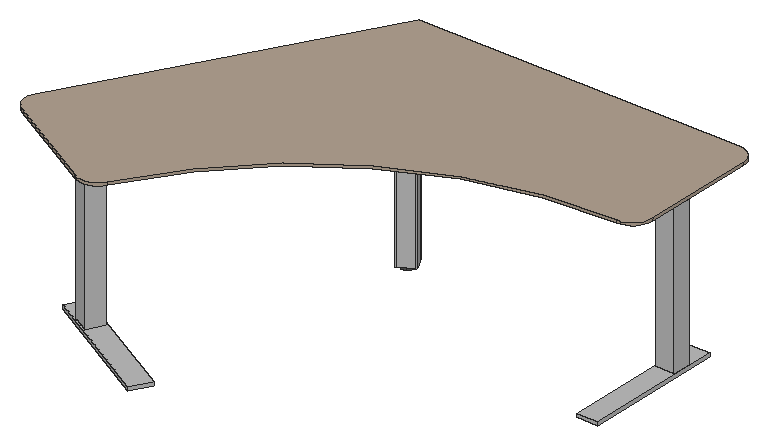
Revit family "Haworth_ActiveComponents_HeightAdjusTable_120WrapAround_BUILD", category Furniture Systems, Revit 2015
Parameters (values of type "52d 52w")
  Worksurface Offset = Actual Height - 29"  # 0"
  Worksurface Finish [instance] = Haworth _ Wood _ Light Maple VP-LM
  Warranty = "http://www.haworth.com/resources/product-info/warranties"
  URL - Product = "https://www.haworth.com/products/workspaces/accessories/active-components"
  Trim Finish [instance] = Haworth _ Paint _ Metallic Champagne
  Sustainability Info = "https://www.haworth.com/company-info/sustainability"
  Size = "Verify Final Dim. w/ Haworth"  # constant formula
  Screen Depth Opening = 1 13/16"  # constant formula
  Radius = 60"  # constant formula
  Model = "TAYL"  # constant formula
  Min. Height = 22"  # constant formula
  Max. Height = 35"  # constant formula
  Height = 29"
  Half Width = Actual Depth / 2  # 12"
  URL = "www.haworth.com"
  Support Height = Actual Height - Worksurface Thickness  # 27 13/16"
  Revision Number = "1"  # constant formula
  Manufacturer = "Haworth"  # constant formula
  Description = "Haworth - Worksurface - 120 Half Wrap Around"  # constant formula
  Author = "Haworth (Alias)"  # constant formula
  Assembly Code = "E2020200"
  Actual Width = 52"  # constant formula
  Actual Height = if(Height < Min. Height, Min. Height, if(Height > Max. Height, Max. Height, Height))  # 29"
  Worksurface Thickness = 1 3/16"  # constant formula
  Actual Depth = 24"  # constant formula
Reference planes (in)
  plane 1 "Floor": z = 0
  plane 2 "Top": z = 29
  plane 3 "Table Bottom": z = 27.8125
  plane 4 "Back": y = 12
  plane 5 "Bend": x = -30
  plane 6 "Front": y = -12
  plane 7 "Right": x = 22
  plane 8 "Back 2": through (-32.59808, 7.5, 48) normal (0.866, -0.5, 0)
  plane 9 "Front 2": through (-11.81347, -4.5, 48) normal (0.866, -0.5, 0)
  plane 10 "Bend 2": through (-30, 12, 48) normal (0.5, 0.866, 0)
  plane 11 "Left": through (-56, -33.03332, 48) normal (0.5, 0.866, 0)
  plane 12 "Center L/R": through (-30, 12, 48) normal (0.866, 0.5, 0)
  plane 13: through (-30, 12, 48) normal (-0.5, 0.866, 0)
  plane 14: y = -72
  plane 15: through (26.47472, -58.18291, 48) normal (0.866, -0.5, 0)
  plane 16 "Void End Right": z = 29
  plane 17 "Void End Left": z = 29
  plane 18 "Leg Left": through (-47.32905, -29.9271, 48) normal (0.5, 0.866, 0)
  plane 19 "Leg Right": x = 14.97446
Dimensions and locks (in)
  "Actual Height": plane 2 "Top" to level
  "Worksurface Thickness": plane 2 "Top" to plane 3 "Table Bottom"
  "Actual Width": plane 7 "Right" to plane 5 "Bend"
  "Actual Depth": plane 4 "Back" to plane 6 "Front"
  "Actual Depth": plane 8 "Back 2" to plane 9 "Front 2"
  "Actual Width": plane 11 "Left" to plane 10 "Bend 2"
  "Radius": plane 14 to plane 6 "Front"
  "Radius": plane 15 to plane 9 "Front 2"
  locked: plane 11 "Left" to plane 18 "Leg Left" at 7.02554
  locked: plane 19 "Leg Right" to plane 7 "Right" at 7.02554
  locked: nested 2 to plane 6 "Front" at 16.3125
  locked: plane 9 "Front 2" to nested 3 at 16.3125
  angle plane 8 "Back 2" to plane 4 "Back" = 120.00°
  aligned and locked: plane 4 "Back" to nested 1
  aligned and locked: plane 8 "Back 2" to nested 1
  aligned and locked: nested 2 to plane 19 "Leg Right"
  aligned and locked: plane 18 "Leg Left" to nested 3
  aligned and locked: plane 1 "Floor" to nested 3
  aligned and locked: nested 4 to plane 12 "Center L/R"
Nested families (in)
  nested 1: "Haworth_ActiveComponents_120WrapAround_Worksurface_Part" at (0, 0, 0), built-in parameter 1001364 <- "Worksurface Offset", type "Worksurface"
  nested 2: "Haworth_Support_Height-Adjustable_Leg_Part" at (14.97446, 4.3125, 0) x (-1, 0, 0) z (0, 0, 1), type "Leg"
    with Crank no
  nested 3: "Haworth_Support_Height-Adjustable_Leg_Part" at (-45.82966, -30.79277, 0) x (0.5, 0.866, 0) z (0, 0, 1), type "Leg"
    with Crank no
  nested 4: "Haworth_AdjustableTable_CenterLeg_Part" at (-25.79129, 4.71031, 0) x (0.5, -0.866, 0) z (0, 0, 1), type "Leg"
    with Leg Height 27 13/16"
Definition of nested family "Haworth_ActiveComponents_120WrapAround_Worksurface_Part"
  Parameters (values of type "Worksurface")
    Worksurface Finish = none
    Warranty = "http://www.haworth.com/resources/product-info/warranties"
    URL - Product = "https://www.haworth.com/products/workspaces/accessories/active-components"
    Sustainability Info = "https://www.haworth.com/company-info/sustainability"
    Size = "Verify Final Dim. w/ Haworth"  # constant formula
    Screen Depth Opening = 1 13/16"  # constant formula
    Radius = 60"  # constant formula
    Model = "TAYL"  # constant formula
    Half Width = Actual Depth / 2  # 12"
    URL = "www.haworth.com"
    Support Height = Actual Height - Worksurface Thickness  # 27 13/16"
    Revision Number = "1"  # constant formula
    Manufacturer = "Haworth"  # constant formula
    Description = "Haworth - Worksurface - 120 Half Wrap Around"  # constant formula
    Author = "Haworth (Alias)"  # constant formula
    Assembly Code = "E2020200"
    Actual Width = 52"  # constant formula
    Actual Height = 29"  # constant formula
    Worksurface Thickness = 1 3/16"  # constant formula
    Actual Depth = 24"  # constant formula
  Reference planes (in)
    plane 1 "Floor": z = 0
    plane 2 "Top": z = 29
    plane 3 "Table Bottom": z = 27.8125
    plane 4 "Back": y = 12
    plane 5 "Bend": x = -30
    plane 6 "Front": y = -12
    plane 7 "Right": x = 22
    plane 8 "Back 2": through (-32.59808, 7.5, 48) normal (0.866, -0.5, 0)
    plane 9 "Front 2": through (-11.81347, -4.5, 48) normal (0.866, -0.5, 0)
    plane 10 "Bend 2": through (-30, 12, 48) normal (0.5, 0.866, 0)
    plane 11 "Left": through (-56, -33.03332, 48) normal (0.5, 0.866, 0)
    plane 12 "Center L/R": through (-30, 12, 48) normal (0.866, 0.5, 0)
    plane 13: through (-30, 12, 48) normal (-0.5, 0.866, 0)
    plane 14: y = -72
    plane 15: through (26.47472, -58.18291, 48) normal (0.866, -0.5, 0)
    plane 16 "Void End Right": z = 29
    plane 17 "Void End Left": z = 29
  Forms (in)
    Extrusion 1, solid, material <- "Worksurface Finish"
      sketch origin (0, 0, 0) x (1, 0, 0) y (0, 1, 0)
        loop
          line (19, 12) -> (-30, 12) -> (-54.5, -30.43524)
          arc (-54.5, -30.43524) -> (-54.7997, -32.7117) -> (-53.40192, -34.53332) r 3
          line (-53.40192, -34.53332) -> (-38.47761, -43.14988)
          arc (-38.47761, -43.14988) -> (-36.16224, -43.43887) -> (-34.34012, -41.98135) r 3
          arc (-34.34012, -41.98135) -> (-12.05257, -19.08585) -> (18.91928, -11.23202) r 58.78061
          arc (18.91928, -11.23202) -> (21.09259, -10.38278) -> (22, -8.23311) r 3
          line (22, -8.23311) -> (22, 9)
          arc (22, 9) -> (21.12132, 11.12132) -> (19, 12) r 3
      from 27.8125 to 29
    Sweep 2, void
      path origin (0, 0, 27.8125) x (0, -1, 0) y (1, 0, 0)
        loop
          arc (-9, 22) -> (-11.12132, 21.12132) -> (-12, 19) r 3
          line (-12, 19) -> (-12, -30) -> (30.43524, -54.5)
          arc (30.43524, -54.5) -> (32.7117, -54.7997) -> (34.53332, -53.40192) r 3
          line (34.53332, -53.40192) -> (43.14988, -38.47761)
          arc (43.14988, -38.47761) -> (43.43887, -36.16224) -> (41.98135, -34.34012) r 3
          arc (41.98135, -34.34012) -> (19.08585, -12.05257) -> (11.23202, 18.91928) r 58.78061
          arc (11.23202, 18.91928) -> (10.38278, 21.09259) -> (8.23311, 22) r 3
          line (8.23311, 22) -> (-9, 22)
      profile origin (22, 0.38344, 27.8125) x (1, 0, 0) y (0, 0, 1)
        loop
          line (0, 0.8125) -> (-2, 0) -> (0, 0) -> (0, 0.8125)
  Cuts and joins
    Sweep 2 cuts Extrusion 1
  Lines and regions (in)
    Masking region 1
      outline origin (0, 0, 0) x (1, 0, 0) y (0, 1, 0)
        loop
          line (19, 12) -> (-30, 12) -> (-54.5, -30.43524)
          arc (-54.5, -30.43524) -> (-54.7997, -32.7117) -> (-53.40192, -34.53332) r 3
          line (-53.40192, -34.53332) -> (-38.47761, -43.14988)
          arc (-38.47761, -43.14988) -> (-36.16224, -43.43887) -> (-34.34012, -41.98135) r 3
          arc (-34.34012, -41.98135) -> (-12.05257, -19.08585) -> (18.91928, -11.23202) r 58.78061
          arc (18.91928, -11.23202) -> (21.09259, -10.38278) -> (22, -8.23311) r 3
          line (22, -8.23311) -> (22, 9)
          arc (22, 9) -> (21.12132, 11.12132) -> (19, 12) r 3
  Dimensions and locks (in)
    "Actual Height": plane 2 "Top" to level
    "Worksurface Thickness": plane 2 "Top" to plane 3 "Table Bottom"
    "Actual Width": plane 7 "Right" to plane 5 "Bend"
    "Actual Depth": plane 4 "Back" to plane 6 "Front"
    "Actual Depth": plane 8 "Back 2" to plane 9 "Front 2"
    "Actual Width": plane 11 "Left" to plane 10 "Bend 2"
    "Radius": plane 14 to plane 6 "Front"
    "Radius": plane 15 to plane 9 "Front 2"
    locked: Sweep 2 sketch curve to profile plane at 2
    locked: Sweep 2 sketch curve to profile plane at 0.8125
    angle plane 8 "Back 2" to plane 4 "Back" = 120.00°
    aligned and locked: Extrusion 1 to plane 2 "Top"
    aligned and locked: Extrusion 1 to plane 3 "Table Bottom"
    aligned and locked: plane 8 "Back 2" to Extrusion 1 sketch curve
    aligned and locked: plane 4 "Back" to Extrusion 1 sketch curve
    aligned and locked: plane 7 "Right" to Extrusion 1 sketch curve
    aligned and locked: plane 11 "Left" to Extrusion 1 sketch curve
    aligned and locked: plane 8 "Back 2" to Masking region 1 sketch curve
    aligned and locked: plane 4 "Back" to Masking region 1 sketch curve
    aligned and locked: plane 7 "Right" to Masking region 1 sketch curve
    aligned and locked: plane 11 "Left" to Masking region 1 sketch curve
    aligned and locked: profile plane to Sweep 2 sketch curve  (x2)
  Automatic sketch dimensions
    Extrusion 1 sketch curve to Extrusion 1 sketch curve = 1 1/2"
    Extrusion 1 sketch curve to Extrusion 1 sketch curve = 14.92431"
    plane 6 "Front" to Extrusion 1 sketch curve = 22.53332"
    plane 6 "Front" to Extrusion 1 sketch curve = 18.43524"
    plane 14 to Extrusion 1 sketch curve = 2.00865"
    Extrusion 1 sketch curve to plane 4 "Back" = 3"
    Extrusion 1 sketch curve to Extrusion 1 sketch curve = 3"
    Extrusion 1 sketch curve to Extrusion 1 sketch curve = 2.59808"
    Extrusion 1 sketch curve to plane 6 "Front" = 3.76689"
    Extrusion 1 sketch curve to Extrusion 1 sketch curve = 0"  (x2)
    Extrusion 1 sketch curve to plane 6 "Front" = 0.76798"
    plane 5 "Bend" to Masking region 1 sketch curve = 6.97761"
    Masking region 1 sketch curve to Masking region 1 sketch curve = 1 1/2"
    Masking region 1 sketch curve to Masking region 1 sketch curve = 14.92431"
    plane 6 "Front" to Masking region 1 sketch curve = 22.53332"
    plane 6 "Front" to Masking region 1 sketch curve = 18.43524"
    plane 14 to Masking region 1 sketch curve = 2.00865"
    plane 7 "Right" to Masking region 1 sketch curve = 4.66227"
    plane 7 "Right" to Masking region 1 sketch curve = 3"
    Masking region 1 sketch curve to plane 4 "Back" = 3"
    Masking region 1 sketch curve to Masking region 1 sketch curve = 2.59808"
    Masking region 1 sketch curve to plane 6 "Front" = 3.76689"
    Masking region 1 sketch curve to Masking region 1 sketch curve = 0"
    Sweep 2 sketch curve to plane 4 "Back" = 0"
    Sweep 2 sketch curve to plane 7 "Right" = 0"
    Sweep 2 sketch curve to plane 8 "Back 2" = 0"
    plane 11 "Left" to Sweep 2 sketch curve = 0"  (x2)
    Sweep 2 sketch curve to plane 5 "Bend" = 0"
    Sweep 2 sketch curve to plane 4 "Back" = 3"
    Sweep 2 sketch curve to plane 6 "Front" = 3.76689"
    Sweep 2 sketch curve to Sweep 2 sketch curve = 1 1/2"
    Sweep 2 sketch curve to Sweep 2 sketch curve = 2.59808"
    plane 5 "Bend" to Sweep 2 sketch curve = 6.97761"
    Sweep 2 sketch curve to Sweep 2 sketch curve = 8.61656"
    plane 5 "Bend" to Sweep 2 sketch curve = 8.47761"
    plane 14 to Sweep 2 sketch curve = 2.00865"
    Sweep 2 sketch curve to Sweep 2 sketch curve = 3"
    Sweep 2 sketch curve to plane 6 "Front" = 0.76798"
    Sweep 2 sketch curve to Sweep 2 sketch curve = 0"  (x2)
Definition of nested family "Haworth_Support_Height-Adjustable_Leg_Part"
  Parameters (values of type "Leg")
    URL = "www.haworth.com"
    Trim Finish = none
    Top Support Front = if([29 Deep], 14 1/8", 8 1/8")  # 8 1/8"
    Note = "Verify Final Dim. w/ Haworth"  # constant formula
    Manufacturer = "Haworth"  # constant formula
    Lever Depth = 8"
    Leg Length Middle = if([29 Deep], 9 1/8", 7 1/8")  # 7 1/8"
    Leg Length Front = if([29 Deep], 19 5/16", 16 5/16")  # 16 5/16"
    Leg Length Back = if([29 Deep], 8 1/8", 5 1/8")  # 5 1/8"
    Leg Height = 27 13/16"
    Leg Finish = none
    Hardware Finish = none
    Glide Finish = none
    Crank Offset = 11 1/8"
    Crank = yes
    Base Tube Finish = none
    Assembly Code = ""
    Actual Depth = if([29 Deep], 27 7/16", 21 7/16")  # 21 7/16"
    29 Deep = not([23 Deep])  # no
    23 Deep = yes
  Reference planes (in)
    plane 1 "Center (Front/Back)": y = 0
    plane 2 "Bottom": z = 0
    plane 3 "Center (Left/Right)": x = 0
    plane 4 "Bottom of Top": z = 27.8125
    plane 5: z = 0.375
    plane 6 "Glide Back": y = 2.4375
    plane 7 "Glide Front": y = -12.125
    plane 8: x = 1.375
    plane 9: x = -1.375
    plane 10: x = -1.625
    plane 11: x = 1.625
    plane 12: y = 5.125
    plane 13: y = -16.3125
    plane 14 "Support Bottom": z = 25.1875
    plane 15: y = -8.125
    plane 16 "Top Base": z = 0.875
    plane 17 "Top of Leg": z = 23.5
    plane 18 "Crank Offset": y = -11.125
  Forms (in)
    Extrusion 1, solid, material <- "Leg Finish"
      sketch origin (0, 0, 0) x (0, -1, 0) y (0, 0, -1)
        loop
          line (16.3125, -0.375) -> (-5.125, -0.375) -> (-5.125, -0.875) -> (16.3125, -0.875) -> (16.3125, -0.375)
      from -1.625 to 1.625
    Extrusion 2, solid, material <- "Leg Finish"
      sketch origin (0, 0, 2.5625) x (-1, 0, 0) y (0, -1, 0)
        loop
          line (1.375, -1.375) -> (1.375, 1.375) -> (-1.375, 1.375) -> (-1.375, -1.375) -> (1.375, -1.375)
      from -1.6875 to 20.9375
    Extrusion 3, solid, material <- "Leg Finish"
      sketch origin (-1.375, -19.87459, 48) x (0, -1, 0) y (0, 0, -1)
        loop
          line (-10.24959, 20.1875) -> (-10.24959, 21.66628) -> (-16.14638, 22.8125) -> (-20.66006, 22.8125) -> (-26.24959, 20.55418) -> (-26.24959, 20.1875) -> (-10.24959, 20.1875)
      from 0 to -0.125
    Extrusion 4, solid, material <- "Base Tube Finish"
      sketch origin (0, 0, 2.5625) x (-1, 0, 0) y (0, -1, 0)
        loop
          line (1.1875, -1.1875) -> (1.1875, 1.1875) -> (-1.1875, 1.1875) -> (-1.1875, -1.1875) -> (1.1875, -1.1875)
      from 20.9375 to 25.25
    Extrusion 5, solid, material <- "Glide Finish"
      sketch origin (0, 0, 0) x (1, 0, 0) y (0, 1, 0)
        loop
          circle (0, 2.4375) r 1.12339
        loop
          circle (0, -12.125) r 1.12816
      from 0 to 0.375
  Cuts and joins
    joined: Extrusion 1, Extrusion 2
  Lines and regions (in)
    Masking region 1, detail levels medium+fine
      outline origin (0, 0, 0) x (1, 0, 0) y (0, 1, 0)
        loop
          line (-1.625, -16.3125) -> (1.625, -16.3125) -> (1.625, 5.125) -> (-1.625, 5.125) -> (-1.625, -16.3125)
    symbolic lines, detail levels medium+fine
      curve 1: line (-1.375, 1.375, 0) -> (1.375, 1.375, 0)
      curve 2: line (-1.375, -1.375, 0) -> (-1.375, 1.375, 0)
      curve 3: line (1.375, -1.375, 0) -> (-1.375, -1.375, 0)
      curve 4: line (1.375, 1.375, 0) -> (1.375, -1.375, 0)
  Dimensions and locks (in)
    "Leg Height": plane 4 "Bottom of Top" to level
    level to plane 5 = 3/8"
    locked: plane 9 to plane 8 at 2.75
    locked: plane 10 to plane 11 at 3.25
    equal spacing: plane 10, plane 3 "Center (Left/Right)", plane 11
    equal spacing: plane 9, plane 3 "Center (Left/Right)", plane 8
    locked: plane 4 "Bottom of Top" to plane 14 "Support Bottom" at 2.625
    Extrusion 2 sketch curve to plane 1 "Center (Front/Back)" to Extrusion 2 sketch curve = 1 3/8", 1 3/8"
    "Leg Length Front": plane 13 to plane 1 "Center (Front/Back)"
    "Leg Length Back": plane 1 "Center (Front/Back)" to plane 12
    "Top Support Front": plane 15 to plane 1 "Center (Front/Back)"
    plane 16 "Top Base" to plane 5 to plane 2 "Bottom" = 1/2" locked, 3/8" locked
    locked: plane 17 "Top of Leg" to plane 2 "Bottom" at 23.5
    locked: plane 7 "Glide Front" to plane 13 at 4.1875
    locked: plane 12 to plane 6 "Glide Back" at 2.6875
    "Crank Offset": plane 18 "Crank Offset" to plane 1 "Center (Front/Back)"
    angle plane 4 "Bottom of Top" to Extrusion 3 sketch curve = 22.00°
    angle Extrusion 3 sketch curve to plane 4 "Bottom of Top" = 11.00°
    aligned and locked: plane 11 to Extrusion 1
    aligned and locked: Extrusion 1 to plane 10
    aligned and locked: plane 9 to Extrusion 2 sketch curve
    aligned and locked: Extrusion 2 sketch curve to plane 8
    aligned: plane 4 "Bottom of Top" to Extrusion 2
    aligned and locked: Extrusion 3 sketch curve to plane 14 "Support Bottom"
    aligned and locked: Extrusion 3 sketch curve to plane 4 "Bottom of Top"
    aligned and locked: plane 4 "Bottom of Top" to Extrusion 4
    aligned and locked: Extrusion 2 to Extrusion 1
    aligned and locked: Masking region 1 sketch curve to plane 11
    aligned and locked: plane 10 to Masking region 1 sketch curve
    aligned and locked: plane 13 to Masking region 1 sketch curve
    aligned and locked: curve 1 to cut or joined group of Extrusion 1, Extrusion 2
    aligned and locked: curve 2 to cut or joined group of Extrusion 1, Extrusion 2
    aligned and locked: curve 3 to cut or joined group of Extrusion 1, Extrusion 2
    aligned and locked: Extrusion 5 to plane 2 "Bottom"
    aligned and locked: plane 5 to cut or joined group of Extrusion 1, Extrusion 2
    aligned and locked: Extrusion 5 to plane 5
    aligned and locked: plane 16 "Top Base" to cut or joined group of Extrusion 1, Extrusion 2
    aligned and locked: cut or joined group of Extrusion 1, Extrusion 2 to plane 16 "Top Base"
    aligned and locked: plane 17 "Top of Leg" to cut or joined group of Extrusion 1, Extrusion 2
    aligned and locked: Extrusion 4 to plane 17 "Top of Leg"
    aligned and locked: Extrusion 4 to plane 4 "Bottom of Top"
    aligned and locked: plane 18 "Crank Offset" to nested 1
    aligned and locked: plane 3 "Center (Left/Right)" to nested 1
  Automatic sketch dimensions
    plane 15 to Extrusion 3 sketch curve = 1 1/2"
    plane 1 "Center (Front/Back)" to Extrusion 3 sketch curve = 0.78546"
    Extrusion 3 sketch curve to plane 1 "Center (Front/Back)" = 3.72822"
    Extrusion 4 sketch curve to plane 8 = 3/16"
    plane 9 to Extrusion 4 sketch curve = 3/16"
    Extrusion 4 sketch curve to plane 1 "Center (Front/Back)" = 1 3/16"
    plane 1 "Center (Front/Back)" to Extrusion 4 sketch curve = 1 3/16"
    Extrusion 5 sketch curve to plane 3 "Center (Left/Right)" = 0"  (x2)
    Extrusion 5 sketch curve to plane 7 "Glide Front" = 0"
    Extrusion 5 sketch curve to plane 6 "Glide Back" = 0"
    Extrusion 1 sketch curve to plane 12 = 0"
    Extrusion 1 sketch curve to plane 13 = 0"
    Extrusion 1 sketch curve to level = 3/8"
    Extrusion 1 sketch curve to Extrusion 1 sketch curve = 1/2"
    Masking region 1 sketch curve to plane 12 = 0"
    curve 3 to plane 8 = 0"
    plane 4 "Bottom of Top" to Extrusion 3 sketch curve = 0.36668"
    radius of Extrusion 5 sketch curve = 1.12339"
    radius of Extrusion 5 sketch curve = 1.12816"
  Nested families (in)
    nested 1: "Haworth_Planes-HAT-Crank_Part" at (0, -14.72244, 27.8125), built-in parameter 1001364 <- "Leg Height", visible <- "Crank", type "Crank"
      with Bracket Width 1 1/4"
  Definition of nested family "Haworth_Planes-HAT-Crank_Part"
    Parameters (values of type "Crank")
      Trim Finish = none
      Support Finish = none
      Lever Depth = 8"
      Hardware Finish = none
      Bracket Width [instance] = 1 1/4"  # constant formula
      Assembly Code = ""
    Reference planes (in)
      plane 1: z = 0
      plane 2 "Center L/R": x = 0
      plane 3 "Left": x = -0.625
      plane 4 "Right": x = 0.625
      plane 5 "Bar Front": y = 6.72736
      plane 6 "Bar Back": y = 14.72736
      plane 7 "Crank Back": y = 6.09744
      plane 8 "Crank Front": y = 5.59744
      plane 9 "Knob Front": y = 3.59744
      plane 10 "Knob Middle": z = -5.57716
      plane 11 "Bar Middle": z = -1.24016
    Forms (in)
      Extrusion 1, solid, material <- "Support Finish"
        sketch origin (0, 0, 0) x (0, 1, 0) y (0, 0, 1)
          loop
            line (5.47112, 0) -> (5.47112, -0.125) -> (6.74381, -0.125) -> (6.74381, -1.875) -> (9.49381, -1.875) -> (9.49381, -0.125) -> (13.57086, -0.125) -> (13.57086, -1.875) -> (14.94586, -1.875) -> (14.94586, -1.75) -> (13.69586, -1.75) -> (13.69586, 0) -> (9.36881, 0) -> (9.36881, -1.75) -> (6.86881, -1.75) -> (6.86881, 0) -> (5.47112, 0)
        from -0.625 to 0.625
      Extrusion 2, solid, material <- "Hardware Finish"
        sketch origin (0, 6.09744, 0) x (0, 0, -1) y (1, 0, 0)
          loop
            line (1.24016, -0.43307) -> (5.58894, -0.28152)
            arc (5.58894, -0.28152) -> (5.86265, 0.00389) -> (5.58109, 0.28155) r 0.28159
            line (5.58109, 0.28155) -> (1.24016, 0.43307)
            arc (1.24016, 0.43307) -> (0.80709, 0) -> (1.24016, -0.43307) r 0.43307
        from 0 to 0.5
      Revolve 3, solid, material <- "Trim Finish"
        sketch origin (0, 0, 0) x (0, 1, 0) y (0, 0, 1)
          loop
            line (5.59744, -5.57716) -> (5.59744, -5.2397) -> (4.79831, -5.15571) -> (3.59744, -5.15571) -> (3.59744, -5.57716) -> (5.59744, -5.57716)
          axis (3.59744, -5.57716) -> (5.59744, -5.57716)
        angle from 0 to 360
      Revolve 4, solid, material <- "Hardware Finish"
        sketch origin (0, 0, 0) x (0, 1, 0) y (0, 0, 1)
          loop
            line (6.09744, -0.80709) -> (6.09744, -1.24016) -> (6.72736, -1.24016) -> (6.72736, -0.90551) -> (6.58317, -0.83827) -> (6.09744, -0.80709)
          axis (6.09744, -1.24016) -> (6.72736, -1.24016)
        angle from 0 to 360
      Extrusion 5, solid, material <- "Hardware Finish"
        sketch origin (0, 6.09744, 0) x (0, 0, -1) y (1, 0, 0)
          loop
            circle (1.24016, 0) r 0.25
        from -8.62992 to -0.62992
    Lines and regions (in)
      symbolic lines, detail levels medium+fine
        curve 1: line (0.42145, 3.59744, 0) -> (0.42145, 4.79831, 0)
        curve 2: line (0.42145, 4.79831, 0) -> (0.28155, 5.59744, 0)
        curve 3: line (0.28155, 5.59744, 0) -> (0.28155, 14.72736, 0)
        curve 4: line (-0.42145, 3.59744, 0) -> (-0.42145, 4.79831, 0)
        curve 5: line (-0.42145, 4.79831, 0) -> (-0.28155, 5.59744, 0)
        curve 6: line (-0.28155, 5.59744, 0) -> (-0.28155, 14.72736, 0)
        curve 7: line (-0.42145, 3.59744, 0) -> (0.42145, 3.59744, 0)
        curve 8: line (-0.28155, 14.72736, 0) -> (0.28155, 14.72736, 0)
    Dimensions and locks (in)
      equal spacing: plane 3 "Left", plane 2 "Center L/R", plane 4 "Right"
      "Bracket Width": plane 3 "Left" to plane 4 "Right"
      "Lever Depth": plane 5 "Bar Front" to plane 6 "Bar Back"
      locked: plane 7 "Crank Back" to plane 5 "Bar Front" at 0.62992
      locked: plane 8 "Crank Front" to plane 7 "Crank Back" at 0.5
      locked: plane 9 "Knob Front" to plane 8 "Crank Front" at 2
      aligned and locked: level to plane 1
      aligned and locked: Extrusion 1 to plane 3 "Left"
      aligned and locked: Extrusion 1 to plane 4 "Right"
      aligned and locked: Extrusion 2 to plane 7 "Crank Back"
      aligned and locked: plane 8 "Crank Front" to Extrusion 2
      aligned and locked: Revolve 3 sketch curve to plane 10 "Knob Middle"
      aligned and locked: Revolve 4 sketch curve to plane 11 "Bar Middle"
      aligned and locked: plane 5 "Bar Front" to Extrusion 5
      aligned and locked: Extrusion 5 to plane 6 "Bar Back"
      aligned and locked: plane 6 "Bar Back" to curve 8
    Automatic sketch dimensions
      Extrusion 5 sketch curve to plane 2 "Center L/R" = 0"
      Extrusion 5 sketch curve to plane 11 "Bar Middle" = 0"
      Extrusion 1 sketch curve to level = 0"  (x2)
      plane 8 "Crank Front" to Extrusion 1 sketch curve = 0.12632"
      Extrusion 1 sketch curve to plane 5 "Bar Front" = 0.01645"
      Extrusion 1 sketch curve to plane 5 "Bar Front" = 0.14145"
      Extrusion 1 sketch curve to plane 11 "Bar Middle" = 0.50984"
      Extrusion 1 sketch curve to Extrusion 1 sketch curve = 2 1/2"
      Extrusion 1 sketch curve to Extrusion 1 sketch curve = 1/8"  (x4)
      Extrusion 1 sketch curve to plane 11 "Bar Middle" = 0.63484"
      Extrusion 1 sketch curve to Extrusion 1 sketch curve = 4.07706"
      Extrusion 1 sketch curve to Extrusion 1 sketch curve = 1 1/4"
      Extrusion 1 sketch curve to level = 1/8"  (x2)
      Extrusion 2 sketch curve to plane 11 "Bar Middle" = 0"
      Extrusion 2 sketch curve to plane 10 "Knob Middle" = 1/256"
      Extrusion 2 sketch curve to plane 10 "Knob Middle" = 0.01178"
      plane 3 "Left" to Extrusion 2 sketch curve = 0.19193"
      Extrusion 2 sketch curve to plane 2 "Center L/R" = 0.28152"
      Extrusion 2 sketch curve to plane 2 "Center L/R" = 0.00004"
      Extrusion 2 sketch curve to plane 2 "Center L/R" = 0"
      Revolve 3 sketch curve to plane 9 "Knob Front" = 0"
      Revolve 3 sketch curve to plane 8 "Crank Front" = 0"
      Revolve 3 sketch curve to plane 10 "Knob Middle" = 0"
      plane 9 "Knob Front" to Revolve 3 sketch curve = 0.27802"
      plane 8 "Crank Front" to Revolve 3 sketch curve = 0.79913"
      plane 5 "Bar Front" to Revolve 3 sketch curve = 0.14411"
      Revolve 3 sketch curve to Revolve 3 sketch curve = 0.33746"
      plane 10 "Knob Middle" to Revolve 3 sketch curve = 0.42145"
      Revolve 4 sketch curve to plane 8 "Crank Front" = 0"
      Revolve 4 sketch curve to plane 7 "Crank Back" = 0"
      Revolve 4 sketch curve to plane 5 "Bar Front" = 0"
      Revolve 4 sketch curve to plane 11 "Bar Middle" = 0"
      plane 5 "Bar Front" to Revolve 4 sketch curve = 0.14419"
      Revolve 4 sketch curve to plane 6 "Bar Back" = 1.79885"
      Revolve 4 sketch curve to Revolve 4 sketch curve = 0.33465"
      Revolve 4 sketch curve to Revolve 4 sketch curve = 0.06724"
      Revolve 4 sketch curve to Revolve 4 sketch curve = 0.43307"
      plane 9 "Knob Front" to curve 7 = 0"
      plane 8 "Crank Front" to curve 6 = 0"
      plane 8 "Crank Front" to curve 2 = 0"
      plane 3 "Left" to curve 5 = 0.20355"
      curve 6 to plane 2 "Center L/R" = 0.28155"
      plane 2 "Center L/R" to curve 2 = 0.28155"
      plane 4 "Right" to curve 7 = 0.20355"
      plane 8 "Crank Front" to curve 5 = 0.79913"
      plane 8 "Crank Front" to curve 2 = 0.79913"
      radius of Extrusion 5 sketch curve = 1/4"
Definition of nested family "Haworth_AdjustableTable_CenterLeg_Part"
  Parameters (values of type "Leg")
    Warranty = "https://www.haworth.com/resources/product-info/warranties"
    URL - Product = ""
    URL = "https://www.haworth.com"
    Note = "Verify Final Dim. w/ Haworth"  # constant formula
    Model = "TAYL"  # constant formula
    Min. Height = 24"  # constant formula
    Max. Height = 50"  # constant formula
    Manufacturer = "Haworth"  # constant formula
    Leg Height = 27 3/4"
    Leg Finish = none
    Glide Finish = none
    Description = "Haworth - Height Adjustable Table - Part"  # constant formula
    Author = "Haworth (Alias)"  # constant formula
    Assembly Code = ""
  Reference planes (in)
    plane 1 "Center (Front/Back)": y = 0
    plane 2 "Base": z = 0
    plane 3 "Center (Left/Right)": x = 0
    plane 4: z = 20.21896
    plane 5: z = 26.25
    plane 6: z = 0.53146
    plane 7: z = 27.75
    plane 8: y = 2.16535
    plane 9: y = -2.16535
    plane 10 "End Left": x = -1.81097
    plane 11: x = -0.39365
    plane 12 "End Right": x = 5.78741
    plane 13: y = 1.37795
    plane 14: y = -1.37795
    plane 15: x = 1.375
    plane 16: x = -1.375
  Forms (in)
    Extrusion 1, solid, material <- "Leg Finish"
      sketch origin (0, -5.26109, 0) x (1, 0, 0) y (0, 1, 0)
        loop
          arc (-1.125, 6.63904) -> (-1.30178, 6.56582) -> (-1.375, 6.38904) r 0.25
          line (-1.375, 6.38904) -> (-1.375, 4.13314)
          arc (-1.375, 4.13314) -> (-1.30178, 3.95636) -> (-1.125, 3.88314) r 0.25
          line (-1.125, 3.88314) -> (1.125, 3.88314)
          arc (1.125, 3.88314) -> (1.30178, 3.95636) -> (1.375, 4.13314) r 0.25
          line (1.375, 4.13314) -> (1.375, 6.38904)
          arc (1.375, 6.38904) -> (1.30178, 6.56582) -> (1.125, 6.63904) r 0.25
          line (1.125, 6.63904) -> (-1.125, 6.63904)
      from 0.53146 to 20.21896
    Extrusion 2, solid, material <- "Leg Finish"
      sketch origin (0, -5.26109, 0) x (1, 0, 0) y (0, 1, 0)
        loop
          line (0.96146, 6.44134) -> (-0.96158, 6.44134)
          arc (-0.96158, 6.44134) -> (-1.11626, 6.37727) -> (-1.18033, 6.22259) r 0.21875
          line (-1.18033, 6.22259) -> (-1.18033, 4.29957)
          arc (-1.18033, 4.29957) -> (-1.11626, 4.1449) -> (-0.96158, 4.08082) r 0.21875
          line (-0.96158, 4.08082) -> (0.96146, 4.08082)
          arc (0.96146, 4.08082) -> (1.11614, 4.1449) -> (1.18021, 4.29957) r 0.21875
          line (1.18021, 4.29957) -> (1.18021, 6.22259)
          arc (1.18021, 6.22259) -> (1.11614, 6.37727) -> (0.96146, 6.44134) r 0.21875
      from 20.21896 to 26.25
    Revolve 3, solid, material <- "Glide Finish"
      sketch origin (0, 0, 0) x (1, 0, 0) y (0, 0, 1)
        loop
          line (0, 0) -> (0.98266, 0) -> (0.98266, 0.23619) -> (0.22167, 0.48078) -> (0.15744, 0.48078) -> (0.15744, 0.61943) -> (0, 0.61943) -> (0, 0)
        axis (0, 0.61943) -> (0, 0)
      angle from 0 to 360
    Extrusion 4, solid, material <- "Leg Finish"
      sketch origin (0, 0, 0) x (1, 0, 0) y (0, 1, 0)
        loop
          line (5.78741, -1.85285) -> (5.78741, 1.85285)
          arc (5.78741, 1.85285) -> (5.69588, 2.07382) -> (5.47491, 2.16535) r 0.3125
          line (5.47491, 2.16535) -> (-1.25781, 2.16535)
          arc (-1.25781, 2.16535) -> (-1.47878, 2.07382) -> (-1.57031, 1.85285) r 0.3125
          line (-1.57031, 1.85285) -> (-1.57031, -1.85285)
          arc (-1.57031, -1.85285) -> (-1.47878, -2.07382) -> (-1.25781, -2.16535) r 0.3125
          line (-1.25781, -2.16535) -> (5.47491, -2.16535)
          arc (5.47491, -2.16535) -> (5.69588, -2.07382) -> (5.78741, -1.85285) r 0.3125
      from 26.25 to 27.75
  Lines and regions (in)
    symbolic lines, detail levels medium+fine
      curve 1: line (5.47491, 2.16535, 0) -> (-1.25781, 2.16535, 0)
      curve 2: arc (-1.25781, 2.16535, 0) -> (-1.47878, 2.07382, 0) -> (-1.57031, 1.85285, 0) r 0.3125
      curve 3: line (-1.57031, 1.85285, 0) -> (-1.57031, -1.85285, 0)
      curve 4: arc (-1.57031, -1.85285, 0) -> (-1.47878, -2.07382, 0) -> (-1.25781, -2.16535, 0) r 0.3125
      curve 5: line (-1.25781, -2.16535, 0) -> (5.47491, -2.16535, 0)
      curve 6: arc (5.47491, -2.16535, 0) -> (5.69588, -2.07382, 0) -> (5.78741, -1.85285, 0) r 0.3125
      curve 7: line (5.78741, -1.85285, 0) -> (5.78741, 1.85285, 0)
      curve 8: arc (5.78741, 1.85285, 0) -> (5.69588, 2.07382, 0) -> (5.47491, 2.16535, 0) r 0.3125
  Dimensions and locks (in)
    locked: plane 6 to plane 2 "Base" at 0.53146
    locked: plane 4 to plane 6 at 19.6875
    "Leg Height": plane 7 to plane 2 "Base"
    locked: plane 7 to plane 5 at 1.5
    equal spacing: plane 9, plane 1 "Center (Front/Back)", plane 8
    plane 9 to plane 8 = 4.3307"
    locked: plane 1 "Center (Front/Back)" to plane 13 at 1.37795
    locked: plane 14 to plane 1 "Center (Front/Back)" at 1.37795
    plane 16 to plane 3 "Center (Left/Right)" to plane 15 = 1 3/8" locked, 1 3/8" locked
    locked: Extrusion 4 sketch curve to plane 16 at 0.19531
    Extrusion 2 sketch curve to plane 3 "Center (Left/Right)" to Extrusion 2 sketch curve = 1.18033" locked, 1.18021" locked
    Extrusion 2 sketch curve to plane 1 "Center (Front/Back)" to Extrusion 2 sketch curve = 1.18025" locked, 1.18027" locked
    Extrusion 1 sketch curve to plane 3 "Center (Left/Right)" to Extrusion 1 sketch curve = 1 3/8" locked, 1 3/8" locked
    Extrusion 1 sketch curve to plane 1 "Center (Front/Back)" to Extrusion 1 sketch curve = 1.37795" locked, 1.37795" locked
    aligned and locked: level to plane 2 "Base"
    aligned and locked: Extrusion 1 to plane 6
    aligned and locked: plane 4 to Extrusion 1
    aligned and locked: Extrusion 2 to plane 4
    aligned and locked: Revolve 3 sketch curve to plane 3 "Center (Left/Right)"
    aligned and locked: plane 3 "Center (Left/Right)" to Revolve 3 sketch curve
    aligned and locked: Revolve 3 sketch curve to plane 2 "Base"
    aligned and locked: plane 6 to Extrusion 1
    aligned and locked: plane 2 "Base" to Revolve 3
    aligned and locked: Extrusion 1 to plane 4
    aligned and locked: plane 7 to Extrusion 4
    aligned and locked: plane 8 to Extrusion 4 sketch curve
    aligned and locked: plane 12 "End Right" to Extrusion 4 sketch curve
    aligned and locked: curve 2 to Extrusion 4
    aligned and locked: plane 12 "End Right" to curve 7
    aligned and locked: plane 9 to curve 5
    aligned and locked: plane 9 to Extrusion 4 sketch curve
    aligned and locked: Extrusion 4 to plane 5
    aligned and locked: plane 5 to Extrusion 2
  Automatic sketch dimensions
    curve 5 to plane 16 = 15/128"
    curve 1 to plane 12 "End Right" = 5/16"
    curve 5 to plane 12 "End Right" = 5/16"
    Extrusion 1 sketch curve to plane 16 = 1/4"
    Extrusion 1 sketch curve to plane 13 = 1/4"  (x2)
    Extrusion 1 sketch curve to plane 15 = 1/4"
    Extrusion 2 sketch curve to Extrusion 2 sketch curve = 7/32"  (x4)
    Revolve 3 sketch curve to plane 6 = 0.05068"
    plane 3 "Center (Left/Right)" to Revolve 3 sketch curve = 0.15744"
    Revolve 3 sketch curve to Revolve 3 sketch curve = 0.06423"
    Revolve 3 sketch curve to plane 15 = 0.39234"
    Revolve 3 sketch curve to Revolve 3 sketch curve = 0.23619"
    plane 6 to Revolve 3 sketch curve = 0.08797"
    Revolve 3 sketch curve to level = 0.30936"
    Revolve 3 sketch curve to Revolve 3 sketch curve = 0.44506"
    Extrusion 4 sketch curve to plane 16 = 15/128"  (x2)
    Extrusion 4 sketch curve to plane 9 = 5/16"
    Extrusion 4 sketch curve to plane 12 "End Right" = 5/16"
